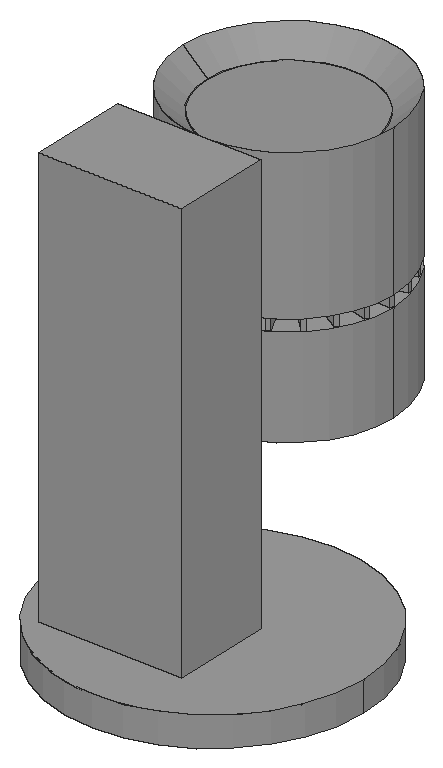
Revit family "Alcon-13308-M-Revit-Family", category Generic Models, host Face, Revit 2023
Family settings
  Host = Face
  Can host rebar = No
  Round Connector Dimension = Use Diameter
  Part Type = Normal
  Cut with Voids When Loaded = No
  Maintain Annotation Orientation = No
  Shared = No
  Room Calculation Point = No
Parameters (values of type "Round Canopy")
  URL = "https://www.alconlighting.com/"
  Square Canopy = no
  Round Canopy = yes
  Product Page = "https://www.alconlighting.com/13308-m.html"
  Model = "13308-M"
  Manufacturer = "Alcon Lighting"
  Housing = Housing
  Fixture Rotation = 90.00°
  Default Elevation = 4' - 0"
Types (3): name | Square Canopy | Round Canopy
  (no name) | no | yes
  Square Canopy | yes | no
  Round Canopy | no | yes
Reference planes (in)
  plane 1 "Center (Front/Back)": y = 0
  plane 2: z = 0
  plane 3 "Center (Left/Right)": x = 0
Forms (in)
  Extrusion 1, solid, material "Housing" <- "Housing"
    sketch origin (0, -1.22551, 1) x (1, 0, 0) y (0, 1, 0)
      loop
        line (-1.18945, -0.90039) -> (1.18945, -0.90039) -> (1.18945, 0.74023) -> (-1.18945, 0.74023) -> (-1.18945, -0.90039)
    from 0 to 6.96875
  Extrusion 2, solid, material "Housing" <- "Housing"
    sketch origin (0, -1.11523, 0.5) x (1, 0, 0) y (0, 1, 0)
      loop
        line (-0.3125, 0.74023) -> (0.3125, 0.74023)
        arc (0.3125, 0.74023) -> (0.35669, 0.75854) -> (0.375, 0.80273) r 0.0625
        line (0.375, 0.80273) -> (0.375, 1.42773)
        arc (0.375, 1.42773) -> (0.35669, 1.47193) -> (0.3125, 1.49023) r 0.0625
        line (0.3125, 1.49023) -> (-0.3125, 1.49023)
        arc (-0.3125, 1.49023) -> (-0.35669, 1.47193) -> (-0.375, 1.42773) r 0.0625
        line (-0.375, 1.42773) -> (-0.375, 0.80273)
        arc (-0.375, 0.80273) -> (-0.35669, 0.75854) -> (-0.3125, 0.74023) r 0.0625
    from 0 to 0.5
  Extrusion 3, solid, material "Housing" <- "Housing"
    sketch origin (0, -2.34074, 1) x (1, 0, 0) y (0, 1, 0)
      loop
        line (-0.4375, 1.85547) -> (0.4375, 1.85547) -> (0.4375, 2.65625)
        arc (0.4375, 2.65625) -> (0.40089, 2.74464) -> (0.3125, 2.78125) r 0.125
        line (0.3125, 2.78125) -> (-0.3125, 2.78125)
        arc (-0.3125, 2.78125) -> (-0.40089, 2.74464) -> (-0.4375, 2.65625) r 0.125
        line (-0.4375, 2.65625) -> (-0.4375, 1.85547)
    from 0 to 0.625
  Extrusion 4, solid, material "Housing" <- "Housing", visible <- "Round Canopy"
    sketch origin (-0.375, 0, 0) x (1, 0, 0) y (0, 1, 0)
      loop
        circle (0.375, 0) r 2.5
    from 0 to 0.5
  Extrusion 5, solid, material "Housing" <- "Housing", visible <- "Square Canopy"
    sketch origin (0, 0, 0) x (1, 0, 0) y (0, 1, 0)
      loop
        line (-2.125, -2.3125) -> (2.125, -2.3125)
        arc (2.125, -2.3125) -> (2.25758, -2.25758) -> (2.3125, -2.125) r 0.1875
        line (2.3125, -2.125) -> (2.3125, 2.125)
        arc (2.3125, 2.125) -> (2.25758, 2.25758) -> (2.125, 2.3125) r 0.1875
        line (2.125, 2.3125) -> (-2.125, 2.3125)
        arc (-2.125, 2.3125) -> (-2.25758, 2.25758) -> (-2.3125, 2.125) r 0.1875
        line (-2.3125, 2.125) -> (-2.3125, -2.125)
        arc (-2.3125, -2.125) -> (-2.25758, -2.25758) -> (-2.125, -2.3125) r 0.1875
    from 0 to 0.5
Lines and regions (in)
  reference lines
    curve 1: line (-4.75, 0, 5.59375) -> (4.75, 0, 5.59375)
Dimensions and locks (in)
  "Fixture Rotation": angle curve 1 to nested 1
  aligned and locked: plane 2 to host face
  aligned and locked: level to host face
Automatic sketch dimensions
  host sketch curve to host sketch curve = 8' - 0"  (x2)
  Extrusion 2 to Extrusion 1 sketch curve = 0' - 0.11027"
  Extrusion 2 to Extrusion 1 sketch curve = 0' - 0.81445"  (x2)
  Extrusion 1 sketch curve to Extrusion 1 sketch curve = 0' - 1 41/64"
  Extrusion 2 to Extrusion 3 sketch curve = 0' - 0 1/16"  (x2)
  Extrusion 3 sketch curve to Extrusion 2 = 0' - 0 1/16"  (x2)
  Extrusion 2 to Extrusion 3 sketch curve = 0' - 0.11027"
  Extrusion 3 sketch curve to Extrusion 2 = 0' - 0.05949"
  curve 1 to plane 3 "Center (Left/Right)" = 0' - 4 3/4"
  level to curve 1 = 0' - 5 19/32"
  plane 3 "Center (Left/Right)" to curve 1 = 0' - 4 3/4"
  plane 1 "Center (Front/Back)" to Extrusion 4 sketch curve = 0' - 0"
  Extrusion 4 sketch curve to plane 3 "Center (Left/Right)" = 0' - 0"
  Extrusion 5 sketch curve to plane 3 "Center (Left/Right)" = 0' - 2 5/16"
  Extrusion 5 sketch curve to Extrusion 5 sketch curve = 0' - 0 3/16"  (x3)
  plane 3 "Center (Left/Right)" to Extrusion 5 sketch curve = 0' - 2 1/8"  (x2)
  plane 1 "Center (Front/Back)" to Extrusion 5 sketch curve = 0' - 2 5/16"
  Extrusion 5 sketch curve to plane 1 "Center (Front/Back)" = 0' - 2 1/8"
  Extrusion 2 sketch curve to Extrusion 5 = 0' - 2"
  Extrusion 2 sketch curve to Extrusion 5 = 0' - 1 15/16"
  Extrusion 2 sketch curve to Extrusion 2 sketch curve = 0' - 0 1/16"  (x3)
  Extrusion 2 sketch curve to Extrusion 2 sketch curve = 0' - 0 5/8"  (x2)
  Extrusion 2 sketch curve to Extrusion 2 sketch curve = 0' - 0"
  radius of Extrusion 4 sketch curve = 0' - 2 1/2"
Nested families (in)
  nested 1: "Alcon-13308-Cylinder-Revit-Family" at (0, 1.56567, 5.59375) x (0, 0, -1) z (0, -1, 0), type "Alcon-13308-Cylinder-Revit-Family"
    with built-in parameter 1001306 0.29167 (stored number, unit not read)
Definition of nested family "Alcon-13308-Cylinder-Revit-Family"
  Parameters (values of type "Alcon-13308-Cylinder-Revit-Family")
    Wattage = 9.2903 W
    built-in parameter 1150110 = 1 (stored number, unit not read)
    Traslucent Lens = none
    built-in parameter 1114217 = 1 (stored number, unit not read)
    Tilt Angle = 90.00°
    built-in parameter 1150109 = 1 (stored number, unit not read)
    built-in parameter 1150134 = 3
    built-in parameter 1150113 = 1 (stored number, unit not read)
    built-in parameter 1010507 = 1.5708 (stored number, unit not read)
    built-in parameter 1010506 = 0.5236 (stored number, unit not read)
    built-in parameter 1150105 = 4614.1 (stored number, unit not read)
    Lumens = 1380 lm
    built-in parameter 1150115 = 1 (stored number, unit not read)
    Light Source Symbol Length = 1' - 0"
    built-in parameter 1150137 = (empty or 0)
    built-in parameter 1150139 = (empty or 0)
    built-in parameter 1001306 [instance] = 4' - 0"
    built-in parameter 1150112 = 1 (stored number, unit not read)
    built-in parameter 1150114 = 1 (stored number, unit not read)
    built-in parameter 1150132 = 2
    built-in parameter 1150102 = (empty or 0)
    built-in parameter 1150107 = 3200 (stored number, unit not read)
    built-in parameter 1150138 = (empty or 0)
    built-in parameter 1150106 = 46.141 (stored number, unit not read)
    Housing = none
    Emit from Circle Diameter = 0' - 2 11/16"
    Emit Shape Visible in Rendering = no
    built-in parameter 1150104 = 13.8 (stored number, unit not read)
    Dimming Lamp Color Temperature Shift = (empty or 0)
    Default Elevation = 0' - 0"
    Color Filter = 16777215
    built-in parameter 1114218 = 1 (stored number, unit not read)
    built-in parameter 1150133 = 10 (stored number, unit not read)
  Reference planes (in)
    plane 1 "Center (Front/Back)": y = 0
    plane 2: z = 0
    plane 3 "Left": x = 0
    plane 4 "Right": x = 48
  Forms (in)
    Revolve 1, solid, material <- "Housing"
      sketch origin (0, 0, 0) x (1, 0, 0) y (0, 1, 0)
        loop
          line (-2.15234, 1.75) -> (-1.79297, 1.34375) -> (0.00195, 1.34375) -> (0.00195, 0) -> (0.32422, 0) -> (0.32422, 1.75) -> (-2.15234, 1.75)
        loop
          line (2.15625, 0) -> (2.15625, 1.75) -> (0.51563, 1.75) -> (0.51563, 0) -> (2.15625, 0)
        axis (2.15625, 0) -> (-2.15234, 0)
      angle from 0 to 360
    Extrusion 2, solid, material <- "Housing"
      sketch origin (0.51563, 0, 0) x (0, 1, 0) y (0, 0, -1)
        loop
          line (-0.03516, -1.71484) -> (0.03516, -1.71484) -> (0.03516, -1.34375) -> (-0.03516, -1.34375) -> (-0.03516, -1.71484)
        loop
          line (-0.40988, -1.66551) -> (-0.31383, -1.30706) -> (-0.38175, -1.28886) -> (-0.47779, -1.64731) -> (-0.40988, -1.66551)
        loop
          line (-0.82698, -1.50268) -> (-0.64143, -1.1813) -> (-0.70232, -1.14614) -> (-0.88787, -1.46752) -> (-0.82698, -1.50268)
        loop
          line (-1.18772, -1.23744) -> (-0.92532, -0.97503) -> (-0.97503, -0.92532) -> (-1.23744, -1.18772) -> (-1.18772, -1.23744)
        loop
          line (-1.46752, -0.88787) -> (-1.14614, -0.70232) -> (-1.1813, -0.64143) -> (-1.50268, -0.82698) -> (-1.46752, -0.88787)
        loop
          line (-1.64731, -0.47779) -> (-1.28886, -0.38175) -> (-1.30706, -0.31383) -> (-1.66551, -0.40988) -> (-1.64731, -0.47779)
        loop
          line (-1.71484, -0.03516) -> (-1.34375, -0.03516) -> (-1.34375, 0.03516) -> (-1.71484, 0.03516) -> (-1.71484, -0.03516)
        loop
          line (-1.66551, 0.40988) -> (-1.30706, 0.31383) -> (-1.28886, 0.38175) -> (-1.64731, 0.47779) -> (-1.66551, 0.40988)
        loop
          line (-1.50268, 0.82698) -> (-1.1813, 0.64143) -> (-1.14614, 0.70232) -> (-1.46752, 0.88787) -> (-1.50268, 0.82698)
        loop
          line (-1.23744, 1.18772) -> (-0.97503, 0.92532) -> (-0.92532, 0.97503) -> (-1.18772, 1.23744) -> (-1.23744, 1.18772)
        loop
          line (-0.88787, 1.46752) -> (-0.70232, 1.14614) -> (-0.64143, 1.1813) -> (-0.82698, 1.50268) -> (-0.88787, 1.46752)
        loop
          line (-0.47779, 1.64731) -> (-0.38175, 1.28886) -> (-0.31383, 1.30706) -> (-0.40988, 1.66551) -> (-0.47779, 1.64731)
        loop
          line (-0.03516, 1.71484) -> (-0.03516, 1.34375) -> (0.03516, 1.34375) -> (0.03516, 1.71484) -> (-0.03516, 1.71484)
        loop
          line (0.40988, 1.66551) -> (0.31383, 1.30706) -> (0.38175, 1.28886) -> (0.47779, 1.64731) -> (0.40988, 1.66551)
        loop
          line (0.82698, 1.50268) -> (0.64143, 1.1813) -> (0.70232, 1.14614) -> (0.88787, 1.46752) -> (0.82698, 1.50268)
        loop
          line (1.18772, 1.23744) -> (0.92532, 0.97503) -> (0.97503, 0.92532) -> (1.23744, 1.18772) -> (1.18772, 1.23744)
        loop
          line (1.46752, 0.88787) -> (1.14614, 0.70232) -> (1.1813, 0.64143) -> (1.50268, 0.82698) -> (1.46752, 0.88787)
        loop
          line (1.64731, 0.47779) -> (1.28886, 0.38175) -> (1.30706, 0.31383) -> (1.66551, 0.40988) -> (1.64731, 0.47779)
        loop
          line (1.71484, 0.03516) -> (1.34375, 0.03516) -> (1.34375, -0.03516) -> (1.71484, -0.03516) -> (1.71484, 0.03516)
        loop
          line (1.66551, -0.40988) -> (1.30706, -0.31383) -> (1.28886, -0.38175) -> (1.64731, -0.47779) -> (1.66551, -0.40988)
        loop
          line (1.50268, -0.82698) -> (1.1813, -0.64143) -> (1.14614, -0.70232) -> (1.46752, -0.88787) -> (1.50268, -0.82698)
        loop
          line (1.23744, -1.18772) -> (0.97503, -0.92532) -> (0.92532, -0.97503) -> (1.18772, -1.23744) -> (1.23744, -1.18772)
        loop
          line (0.88787, -1.46752) -> (0.70232, -1.14614) -> (0.64143, -1.1813) -> (0.82698, -1.50268) -> (0.88787, -1.46752)
        loop
          line (0.47779, -1.64731) -> (0.38175, -1.28886) -> (0.31383, -1.30706) -> (0.40988, -1.66551) -> (0.47779, -1.64731)
      from 0 to 0.19141
    Extrusion 3, solid, material <- "Traslucent Lens"
      sketch origin (0.00195, 0, 0) x (0, 1, 0) y (0, 0, -1)
        loop
          circle (0, 0) r 1.34375
      from 1.71875 to 1.79492
    Extrusion 4, solid, material <- "Housing"
      sketch origin (0, 0, 0) x (1, 0, 0) y (0, 1, 0)
        loop
          circle (0, 0) r 0.32422
      from 1.64469 to 2.05094
  Lines and regions (in)
    reference lines
      curve 1: line (0, 0, 0) -> (48, 0, 0)
    model lines
      curve 2: line (0, 0, 0) -> (-19.75, 0, 0)
  Dimensions and locks (in)
    "built-in parameter 1001306": plane 3 "Left" to plane 4 "Right"
    aligned and locked: plane 4 "Right" to curve 1
    aligned and locked: plane 1 "Center (Front/Back)" to curve 1
    aligned and locked: plane 3 "Left" to curve 1
    aligned and locked: level to plane 2
    aligned and locked: Extrusion 2 to Revolve 1  (x2)
  Automatic sketch dimensions
    plane 1 "Center (Front/Back)" to Revolve 1 sketch curve = 0' - 0"  (x3)
    Revolve 1 sketch curve to plane 3 "Left" = 0' - 2 39/256"
    Revolve 1 sketch curve to Revolve 1 sketch curve = 0' - 0 23/64"
    plane 3 "Left" to Revolve 1 sketch curve = 0' - 0.00195"
    plane 3 "Left" to Revolve 1 sketch curve = 0' - 0 83/256"
    Revolve 1 sketch curve to Revolve 1 sketch curve = 0' - 0 49/256"
    Revolve 1 sketch curve to Revolve 1 sketch curve = 0' - 1 41/64"
    Revolve 1 sketch curve to plane 1 "Center (Front/Back)" = 0' - 1 11/32"
    Revolve 1 sketch curve to Revolve 1 sketch curve = 0' - 0 13/32"  (x2)
    Revolve 1 sketch curve to Revolve 1 sketch curve = 0' - 0.11479"
    Revolve 1 sketch curve to plane 3 "Left" = 0' - 0.24805"
    Revolve 1 to Extrusion 2 sketch curve = 0' - 1 183/256"
    Extrusion 2 sketch curve to Extrusion 2 sketch curve = 0' - 0 9/128"  (x2)
    Extrusion 2 sketch curve to Extrusion 2 sketch curve = 0' - 0 95/256"  (x3)
    Revolve 1 to Extrusion 2 sketch curve = 0' - 1.64731"
    Revolve 1 to Extrusion 2 sketch curve = 0' - 1.66551"  (x2)
    Extrusion 2 sketch curve to Extrusion 2 sketch curve = 0' - 0.06792"  (x4)
    Revolve 1 to Extrusion 2 sketch curve = 0' - 1.28886"  (x2)
    Extrusion 2 sketch curve to Extrusion 2 sketch curve = 0' - 0.37472"
    Revolve 1 to Extrusion 2 sketch curve = 0' - 1.46752"
    Revolve 1 to Extrusion 2 sketch curve = 0' - 1.50268"  (x2)
    Extrusion 2 sketch curve to Extrusion 2 sketch curve = 0' - 0.06089"  (x4)
    Revolve 1 to Extrusion 2 sketch curve = 0' - 1.14614"  (x2)
    Extrusion 2 sketch curve to Extrusion 2 sketch curve = 0' - 0.34918"  (x2)
    Revolve 1 to Extrusion 2 sketch curve = 0' - 1.18772"
    Revolve 1 to Extrusion 2 sketch curve = 0' - 1.23744"  (x2)
    Extrusion 2 sketch curve to Extrusion 2 sketch curve = 0' - 0.04972"  (x4)
    Revolve 1 to Extrusion 2 sketch curve = 0' - 0.92532"  (x2)
    Extrusion 2 sketch curve to Extrusion 2 sketch curve = 0' - 0.29985"  (x2)
    Revolve 1 to Extrusion 2 sketch curve = 0' - 0.82698"
    Revolve 1 to Extrusion 2 sketch curve = 0' - 0.88787"  (x2)
    Extrusion 2 sketch curve to Extrusion 2 sketch curve = 0' - 0 9/256"  (x4)
    Extrusion 2 sketch curve to Extrusion 2 sketch curve = 0' - 0.23008"  (x2)
    Revolve 1 to Extrusion 2 sketch curve = 0' - 0.64143"  (x2)
    Revolve 1 to Extrusion 2 sketch curve = 0' - 0.40988"
    Revolve 1 to Extrusion 2 sketch curve = 0' - 0.47779"  (x2)
    Extrusion 2 sketch curve to Extrusion 2 sketch curve = 0' - 0.0182"  (x4)
    Extrusion 2 sketch curve to Extrusion 2 sketch curve = 0' - 0.14464"  (x2)
    Revolve 1 to Extrusion 2 sketch curve = 0' - 0.31383"  (x2)
    Extrusion 2 sketch curve to Revolve 1 = 0' - 0 9/256"  (x2)
    Extrusion 2 sketch curve to Extrusion 2 sketch curve = 0' - 0.04933"  (x2)
    Extrusion 2 sketch curve to Extrusion 2 sketch curve = 0' - 0.03669"  (x3)
    Revolve 1 to Extrusion 2 sketch curve = 0' - 0 9/256"  (x2)
    Extrusion 2 sketch curve to Revolve 1 = 0' - 0.40988"
    Extrusion 2 sketch curve to Revolve 1 = 0' - 0.47779"  (x2)
    Extrusion 2 sketch curve to Revolve 1 = 0' - 0.31383"  (x2)
    Extrusion 2 sketch curve to Revolve 1 = 0' - 0.82698"
    Extrusion 2 sketch curve to Revolve 1 = 0' - 0.88787"  (x2)
    Extrusion 2 sketch curve to Revolve 1 = 0' - 0.64143"  (x2)
    Extrusion 2 sketch curve to Revolve 1 = 0' - 1.18772"
    Extrusion 2 sketch curve to Revolve 1 = 0' - 1.23744"  (x2)
    Extrusion 2 sketch curve to Revolve 1 = 0' - 0.92532"  (x2)
    Extrusion 2 sketch curve to Revolve 1 = 0' - 1.46752"
    Extrusion 2 sketch curve to Revolve 1 = 0' - 1.50268"  (x2)
    Extrusion 2 sketch curve to Revolve 1 = 0' - 1.14614"  (x2)
    Extrusion 2 sketch curve to Revolve 1 = 0' - 1.64731"
    Extrusion 2 sketch curve to Revolve 1 = 0' - 1.66551"  (x2)
    Extrusion 2 sketch curve to Revolve 1 = 0' - 1.28886"  (x2)
    Extrusion 2 sketch curve to Extrusion 2 sketch curve = 0' - 0.27867"  (x3)
    Extrusion 2 sketch curve to Revolve 1 = 0' - 1.30706"
    Extrusion 2 sketch curve to Revolve 1 = 0' - 1.1813"
    Extrusion 2 sketch curve to Extrusion 2 sketch curve = 0' - 0.25968"
    Extrusion 2 sketch curve to Revolve 1 = 0' - 0.97503"
    Extrusion 2 sketch curve to Extrusion 2 sketch curve = 0' - 0.22299"
    Extrusion 2 sketch curve to Revolve 1 = 0' - 0.70232"
    Extrusion 2 sketch curve to Extrusion 2 sketch curve = 0' - 0.17111"
    Extrusion 2 sketch curve to Revolve 1 = 0' - 0.38175"
    Extrusion 2 sketch curve to Extrusion 2 sketch curve = 0' - 0.10756"
    Revolve 1 to Extrusion 2 sketch curve = 0' - 0.38175"
    Extrusion 2 sketch curve to Extrusion 2 sketch curve = 0' - 0.05489"
    Revolve 1 to Extrusion 2 sketch curve = 0' - 0.70232"
    Extrusion 2 sketch curve to Extrusion 2 sketch curve = 0' - 0.14272"
    Revolve 1 to Extrusion 2 sketch curve = 0' - 0.97503"
    Extrusion 2 sketch curve to Extrusion 2 sketch curve = 0' - 0.22083"
    Revolve 1 to Extrusion 2 sketch curve = 0' - 1.1813"
    Extrusion 2 sketch curve to Extrusion 2 sketch curve = 0' - 0.28389"
    Revolve 1 to Extrusion 2 sketch curve = 0' - 1.30706"
    plane 1 "Center (Front/Back)" to Extrusion 4 sketch curve = 0' - 0"
    Extrusion 4 sketch curve to plane 3 "Left" = 0' - 0"
    plane 1 "Center (Front/Back)" to curve 2 = 0' - 0"
    curve 2 to plane 3 "Left" = 0' - 0"
    curve 2 to curve 2 = 1' - 7 3/4"
    radius of Extrusion 3 sketch curve to Revolve 1 = 0' - 0"
    radius of Extrusion 4 sketch curve = 0' - 0 83/256"
